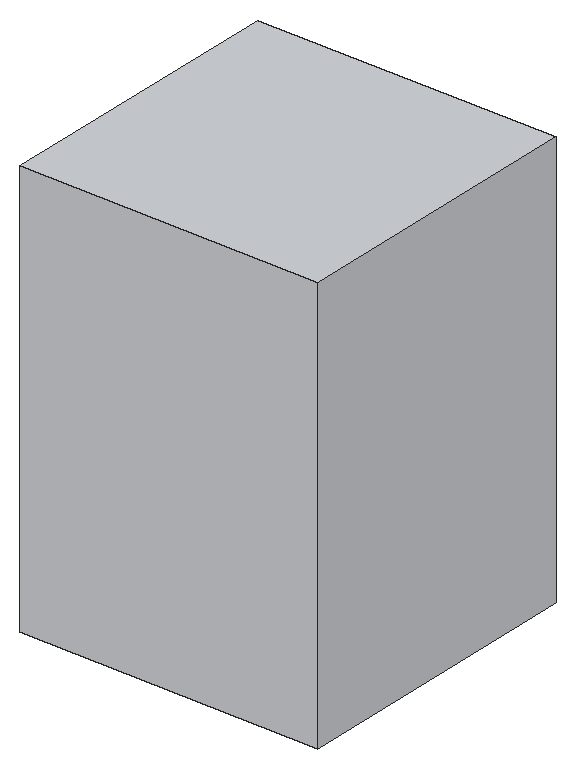
Revit family "АВЛН_Спортивный инвентарь", category Мебель, Revit 2019
Family settings
  Номер OmniClass = 23.40.20.00
  Заголовок OmniClass = General Furniture and Specialties
  На основе рабочей плоскости = Нет
  Всегда вертикально = Да
  При загрузке вырезать с полостями = Нет
  Общий = Нет
  Точка расчета площади = Нет
Parameters (values of type "Тележка для хранения и перевозки мячей")
  Прямоугольная = yes
  Описание = "Тележка для хранения и перевозки мячей\r\n750х750х1050 мм"
  Мяч = no
  Type Comments = ""
  Keynote = ""
  Manufacturer = ""
  Группа модели = "Оборудование Спортивной зоны"
  ADSK_Размер_Ширина = 750 mm
  ADSK_Размер_Длина = 750 mm
  ADSK_Размер_Высота = 1050 mm
  ADSK_Обозначение = ""
  ADSK_Масса = 0
  ADSK_Код изделия = ""
  ADSK_Единица измерения = "шт"  # constant formula
Types (34, lengths in mm): name | Прямоугольная | Описание | Мяч | Группа модели | ADSK_Размер_Ширина | ADSK_Размер_Длина | ADSK_Размер_Высота
  (no name) | yes | "Тележка для хранения и перевозки мячей\r\n750х750х1050 мм" | no | "Оборудование Спортивной зоны" | 750 | 750 | 1050
  Мат гимнастический 2000х1000х100(h)мм | yes | "Мат гимнастический 2000х1000х100(h)мм" | no | "Оборудование Спортивной зоны" | 1000 | 2000 | 100
  Дорожка резиновая для разбега 1250х5000х5мм | yes | "Дорожка резиновая для разбега 1250х5000х5мм" | no | "Оборудование Спортивной зоны" | 1250 | 5000 | 5
  Мяч футбольный тренировочный №5 | no | "Мяч футбольный тренировочный №5 тренировочный" | yes | "Оборудование Спортивной зоны" | 350 | 350 | 350
  Мяч футбольный тренировочный №4 | no | "Мяч футбольный тренировочный №4 тренировочный" | yes | "Оборудование Спортивной зоны" | 350 | 350 | 350
  Мяч баскетбольный озвученный | no | "Мяч баскетбольный озвученный" | yes | "Оборудование Спортивной зоны" | 350 | 350 | 350
  Мяч волейбольный озвученный | no | "Мяч волейбольный озвученный" | yes | "Оборудование Спортивной зоны" | 350 | 350 | 350
  Мяч для метания | no | "Мяч для метания" | yes | "Оборудование Спортивной зоны" | 350 | 350 | 350
  Мячи баскетбольные (размер 3, 5, 6, 7) | no | "Мяч для метания" | yes | "Мячи баскетбольные (размер 3, 5, 6, 7)" | 350 | 350 | 350
  Мяч волейбольный | no | "Мяч волейбольный" | yes | "Оборудование Спортивной зоны" | 350 | 350 | 350
  Табло электронное игровое с защитным экраном | yes | "Табло электронное игровое с защитным экраном" | no | "Оборудование Спортивной зоны" | 100 | 1000 | 1500
  Линейка для прыжков в длину | yes | "Линейка для прыжков в длину" | no | "Оборудование Спортивной зоны" | 1000 | 2000 | 100
  Степ платформы | yes | "Степ платформы" | no | "Оборудование Спортивной зоны" | 300 | 800 | 250
  Пьедестал разборный | yes | "Пьедестал разборный" | no | "Оборудование Спортивной зоны" | 300 | 800 | 250
  Насос для накачивания мечей | yes | "Насос для накачивания мечей" | no | "Оборудование Спортивной зоны" | 50 | 50 | 300
  Жилетка игровая | yes | "Жилетка игровая" | no | "Оборудование Спортивной зоны" | 200 | 200 | 300
  Сетка для хранения мечей | yes | "Сетка для хранения мечей" | no | "Оборудование Спортивной зоны" | 50 | 50 | 300
  Комплект судейский (в сумке) | yes | "Комплект судейский (в сумке)" | no | "Оборудование Спортивной зоны" | 250 | 400 | 300
  Комплект для настольного тенниса | yes | "Комплект для настольного тенниса" | no | "Оборудование Спортивной зоны" | 250 | 400 | 100
  Опеределитель высоты прыжка | yes | "Опеределитель высоты прыжка" | no | "Оборудование Спортивной зоны" | 250 | 400 | 100
  Обруч гимнастический | yes | "Обруч гимнастический" | no | "Оборудование Спортивной зоны" | 400 | 400 | 100
  Медболы | no | "Медболы" | yes | "Оборудование Спортивной зоны" | 350 | 350 | 350
  Аптечка медицинская настенная | yes | "Аптечка медицинская настенная" | no | "Оборудование Спортивной зоны" | 200 | 200 | 300
  Комплект гантелей обрезиненных | yes | "Комплект гантелей обрезиненных" | no | "Оборудование Спортивной зоны" | 200 | 200 | 300
  Стеллаж для гантелей | yes | "Стеллаж для гантелей" | no | "Оборудование Спортивной зоны" | 450 | 800 | 1800
  Палка гимнастическая утяжеленная (боди бар) | yes | "Палка гимнастическая утяжеленная (боди бар)" | no | "Оборудование Спортивной зоны" | 50 | 1000 | 50
  Барьер легкоатлетический | yes | "Барьер легкоатлетический" | no | "Оборудование Спортивной зоны" | 50 | 1000 | 600
  Планка для прыжков в высоту | yes | "Планка для прыжков в высоту" | no | "Оборудование Спортивной зоны" | 50 | 1000 | 600
  Стартовая колодка легкоатлетическая | yes | "Стартовая колодка легкоатлетическая" | no | "Оборудование Спортивной зоны" | 200 | 300 | 150
  Дорожка для прыжков в длину | yes | "Дорожка для прыжков в длину" | no | "Оборудование Спортивной зоны" | 1250 | 2500 | 50
  Зеркало травмобезопасное | yes | "Зеркало травмобезопасное" | no | "Оборудование Спортивной зоны" | 50 | 1000 | 1000
  Мостик гимнастический эластичный | yes | "Мостик гимнастический эластичный 80х50х20(h)см" | no | "Оборудование Спортивной зоны" | 50 | 80 | 20
  Канат для лазанья, длина 5м, толщина 48мм | yes | "Канат для лазанья, длина 5м, толщина 48мм" | no | "Оборудование Спортивной зоны" | 50 | 50 | 5000
  Тележка для хранения и перевозки мячей | yes | "Тележка для хранения и перевозки мячей\r\n750х750х1050 мм" | no | "Оборудование Спортивной зоны" | 750 | 750 | 1050
Reference planes
  plane 1 "По центру (Вперед/Назад)": y = 0
  plane 2: z = 0
  plane 3 "По центру (Влево/Вправо)": x = 0
  plane 4: z = 1050
  plane 5: y = 375
  plane 6: x = 375
  plane 7: x = -375
  plane 8: y = -375
Forms (mm)
  Extrusion 1, solid, visible <- "Прямоугольная"
    sketch origin (0, -518.993, 592.976) x (-1, 0, 0) y (0, -1, 0)
      loop
        line (-375, -893.993) -> (375, -893.993) -> (375, -143.993) -> (-375, -143.993) -> (-375, -893.993)
    from -592.976 to 457.024
  Revolve 2, solid, visible <- "Мяч"
    sketch origin (0, 0, 0) x (0, 1, 0) y (0, 0, 1)
      loop
        arc (0, 1050) -> (-525, 525) -> (0, 0) r 525
        line (0, 0) -> (0, 1050)
      axis (0, 1050) -> (0, 0)
    angle from 0 to 360
Dimensions and locks
  plane 2 to plane 4 = 1050 mm
  equal spacing: plane 8, plane 1 "По центру (Вперед/Назад)", plane 5
  equal spacing: plane 7, plane 3 "По центру (Влево/Вправо)", plane 6
  "ADSK_Размер_Длина": plane 7 to plane 6
  "ADSK_Размер_Ширина": plane 5 to plane 8
  "ADSK_Размер_Высота": plane 2 to plane 4
  aligned and locked: level to plane 2
  aligned and locked: Extrusion 1 sketch curve to plane 5
  aligned and locked: Extrusion 1 sketch curve to plane 6
  aligned and locked: Extrusion 1 sketch curve to plane 8
  aligned and locked: Extrusion 1 sketch curve to plane 7
  aligned and locked: Extrusion 1 to level
  aligned and locked: Extrusion 1 to plane 4
  aligned and locked: Revolve 2 sketch curve to plane 1 "По центру (Вперед/Назад)"
  aligned and locked: Revolve 2 sketch curve to Revolve 2 sketch curve
Automatic sketch dimensions
  Revolve 2 sketch curve to level = 0 mm
  plane 4 to Revolve 2 sketch curve = 0 mm
  Revolve 2 sketch curve to level = 473.747 mm
  Revolve 2 sketch curve to plane 4 = 1927.254 mm
